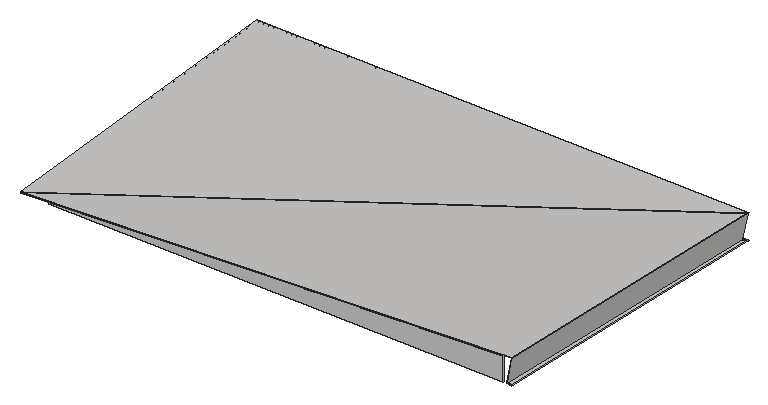
Revit family "Access_Flooring-FreeAxez-Ramp_Internal-1_20", category Specialty Equipment, Revit 2022
Family settings
  Round Connector Dimension = Use Diameter
  Part Type = Normal
  OmniClass Number = 23.35.50.27.14
  OmniClass Title = Rigid Grid Access Flooring
  Work Plane-Based = No
  Always vertical = Yes
  Cut with Voids When Loaded = No
  Maintain Annotation Orientation = No
  Shared = No
  Room Calculation Point = No
Parameters (values of type "Gridd70")
  Width = 4' - 7"
  URL = "https://www.freeaxez.com"
  Type Comments = ""
  Product Page URL = "https://www.freeaxez.com/gridd/#features"
  Product Documentation Link = "https://www.freeaxez.com/wp-content/uploads/2018/04/GRIDD-Catalog.pdf"
  Model = "FA-7455in"
  Manufacturer = "FreeAxez"
  Keynote = ""
  Height = 0' - 2.76"
  Description = "Gridd70 Ramp Internal 1:20"
  Default Elevation = 0' - 0"
  Cost = 0
  Assembly Code = ""
Types (2): name | Width | Model | Height | Description
  Gridd40 | 2' - 9" | "FA-4433in" | 0' - 1.57" | "Gridd40 Ramp Internal 1:20"
  Gridd70 | 4' - 7" | "FA-7455in" | 0' - 2.76" | "Gridd70 Ramp Internal 1:20"
Reference planes (in)
  plane 1 "Center (Front/Back)": y = -14.01969
  plane 2 "Bottom": z = 0
  plane 3 "Center (Left/Right)": x = 0
  plane 4: x = -27.5
  plane 5: x = 27.5
  plane 6: y = 2.48031
  plane 7: y = -30.51969
  plane 8 "Top": z = 2.76
  plane 9 "Back": y = 2.5202
  plane 10 "Right": x = 27.53988
  plane 11: y = -5.74974
  plane 12: x = 13.75
  plane 13: x = -27.53988
  plane 14: y = -30.55957
Forms (in)
  Extrusion 1, solid, material "Steel - Galvanized - FreeAxez"
    sketch origin (0, 0, 0) x (0, 1, 0) y (0, 0, 1)
      loop
        line (2.48031, 2.76) -> (-30.51969, 0.06271) -> (-30.51969, 0) -> (2.41636, 2.69461) -> (1.88976, 0) -> (2.48031, 0) -> (2.48031, 0.0625) -> (1.97174, 0.0625) -> (2.48031, 2.66495) -> (2.48031, 2.76)
    from -27.5 to 27.5
  Extrusion 2, solid, material "Steel - Galvanized - FreeAxez"
    sketch origin (-27.5, 45.0057, 48) x (0, 1, 0) y (0, 0, 1)
      loop
        line (-72.37578, -48) -> (-43.52538, -48) -> (-43.52538, -45.38198) -> (-72.37578, -47.74232) -> (-72.37578, -48)
    from 0.07031 to 0
  Extrusion 3, solid, material "Steel - Galvanized - FreeAxez"
    sketch origin (-7.01969, -7.01969, 0) x (-1, 0, 0) y (0, 0, 1)
      loop
        line (-34.51969, 2.76) -> (-34.51969, 2.66495) -> (-34.01111, 0.0625) -> (-34.51969, 0.0625) -> (-34.51969, 0) -> (-33.92913, 0) -> (-34.45573, 2.69461) -> (20.48031, 0) -> (20.48031, 0.06271) -> (-34.51969, 2.76)
    from -23.5 to 9.5
  Extrusion 4, void
    sketch origin (0, 0, 0) x (1, 0, 0) y (0, 1, 0)
      loop
        line (-27.5, -30.51969) -> (27.5, 2.48031) -> (-27.5, 2.48031) -> (-27.5, -30.51969)
    from 0 to 9.84252
  Extrusion 5, void
    sketch origin (0, 0, 0) x (1, 0, 0) y (0, 1, 0)
      loop
        line (27.5, 2.48031) -> (-27.5, -30.51969) -> (27.5, -30.51969) -> (27.5, 2.48031)
    from 0 to 9.84252
  Extrusion 6, solid, material "Steel - Galvanized - FreeAxez"
    sketch origin (-60, -30.51969, 48) x (-1, 0, 0) y (0, 0, 1)
      loop
        line (-35.64961, -48) -> (-35.64961, -47.84539) -> (-86.5, -45.34925) -> (-86.5, -48) -> (-35.64961, -48)
    from 0.06846 to 0
Cuts and joins
  Extrusion 4 cuts Extrusion 3
  Extrusion 5 cuts Extrusion 1
Lines and regions (in)
  Masking region 1
    outline origin (0, 0, 0) x (1, 0, 0) y (0, 1, 0)
      loop
        line (-27.5, 2.48031) -> (-27.5, -30.51969) -> (27.5, -30.51969) -> (27.5, 2.48031) -> (-27.5, 2.48031)
  symbolic lines
    curve 1: line (27.5, 2.48031, 0) -> (-27.5, -30.51969, 0)
    curve 4: line (27.5, 2.48031, 0) -> (-27.5, 2.48031, 0)
    curve 5: line (-27.5, 2.48031, 0) -> (-27.5, -30.51969, 0)
    curve 6: line (-27.5, -30.51969, 0) -> (27.5, -30.51969, 0)
    curve 7: line (27.5, -30.51969, 0) -> (27.5, 2.48031, 0)
    curve 12: line (9.75, -16.85138, 0) -> (13.75, -16.85138, 0)
    curve 13: line (17.75, -16.85138, 0) -> (17.04289, -17.55848, 0)
    curve 14: line (17.75, -16.85138, 0) -> (17.04289, -16.14427, 0)
    curve 15: line (13.75, -16.85138, 0) -> (17.75, -16.85138, 0)
    curve 16: line (-2.83169, -9.74974, 0) -> (-2.83169, -5.74974, 0)
    curve 17: line (-2.83169, -1.74974, 0) -> (-2.12459, -2.45685, 0)
    curve 18: line (-2.83169, -1.74974, 0) -> (-3.5388, -2.45685, 0)
    curve 19: line (-2.83169, -5.74974, 0) -> (-2.83169, -1.74974, 0)
  reference lines
    curve 2: line (-27.5, -14.01969, 0) -> (27.5, -14.01969, 2.69983)
    curve 3: line (0, -30.51969, 0) -> (0, 2.48031, 2.69983)
  symbolic lines, not visible
    curve 8: line (-5.45345, -2.26969, 0) -> (-1.45345, -2.26969, 0)
    curve 9: line (2.54655, -2.26969, 0) -> (1.83945, -2.97679, 0)
    curve 10: line (2.54655, -2.26969, 0) -> (1.83945, -1.56258, 0)
    curve 11: line (-1.45345, -2.26969, 0) -> (2.54655, -2.26969, 0)
Dimensions and locks (in)
  equal spacing: plane 4, plane 3 "Center (Left/Right)", plane 5
  equal spacing: plane 6, plane 1 "Center (Front/Back)", plane 7
  "Height": plane 8 "Top" to plane 2 "Bottom"
  plane 6 to plane 7 = 2' - 9"
  locked: plane 7 to Extrusion 2 sketch curve at 3.14961
  "Width": plane 4 to plane 5
  locked: plane 9 "Back" to plane 6 at 0.03988
  locked: plane 5 to plane 10 "Right" at 0.03988
  locked: plane 8 "Top" to curve 2 at 0.06017
  locked: Extrusion 6 sketch curve to plane 4 at 3.14961
  locked: plane 8 "Top" to curve 3 at 0.06017
  locked: Extrusion 3 sketch curve to plane 2 "Bottom" at 0.0625
  locked: plane 5 to Extrusion 3 sketch curve at 0.59055
  locked: Extrusion 1 sketch curve to plane 6 at 0.06395
  locked: Extrusion 1 sketch curve to plane 6 at 0.59055
  locked: Extrusion 2 sketch curve to plane 6 at 1
  locked: plane 5 to Extrusion 6 sketch curve at 1
  equal spacing: plane 3 "Center (Left/Right)", plane 12, plane 5
  equal spacing: plane 9 "Back", plane 11, plane 1 "Center (Front/Back)"
  locked: plane 4 to Extrusion 2 at 0.07031
  locked: Extrusion 6 to plane 7 at 0.06846
  locked: curve 15 to plane 1 "Center (Front/Back)" at 2.83169
  locked: nested 1 to plane 1 "Center (Front/Back)" at 2.83169
  locked: nested 1 to plane 12 at 5.02362
  locked: plane 13 to plane 4 at 0.03988
  locked: plane 7 to plane 14 at 0.03988
  locked: nested 2 to plane 11 at 5.02362
  locked: curve 19 to plane 3 "Center (Left/Right)" at 2.83169
  locked: nested 2 to plane 3 "Center (Left/Right)" at 2.83169
  aligned and locked: level to plane 2 "Bottom"
  aligned and locked: Extrusion 1 to plane 4
  aligned and locked: Extrusion 1 to plane 5
  aligned and locked: Masking region 1 sketch curve to plane 6
  aligned and locked: Masking region 1 sketch curve to plane 4
  aligned and locked: Masking region 1 sketch curve to plane 5
  aligned and locked: Masking region 1 sketch curve to plane 7
  aligned and locked: plane 4 to curve 2
  aligned and locked: plane 2 "Bottom" to curve 2
  aligned and locked: plane 5 to curve 2
  aligned and locked: curve 2 to Extrusion 6 sketch curve
  aligned and locked: Extrusion 3 to plane 7
  aligned and locked: plane 6 to Extrusion 3
  aligned and locked: plane 6 to curve 3
  aligned and locked: plane 7 to curve 3
  aligned and locked: plane 2 "Bottom" to curve 3
  aligned and locked: curve 3 to Extrusion 2 sketch curve
  aligned and locked: curve 7 to plane 5
  aligned and locked: curve 4 to plane 6
  aligned and locked: curve 5 to plane 4
  aligned and locked: curve 6 to plane 7
  aligned and locked: plane 5 to Extrusion 3 sketch curve
  aligned and locked: Extrusion 3 sketch curve to plane 5
  aligned and locked: Extrusion 3 sketch curve to plane 2 "Bottom"
  aligned and locked: plane 6 to Extrusion 1 sketch curve
  aligned and locked: Extrusion 1 sketch curve to plane 2 "Bottom"
  aligned and locked: Extrusion 1 sketch curve to plane 6
  aligned and locked: Extrusion 4 sketch curve to plane 6
  aligned and locked: Extrusion 4 sketch curve to plane 4
  aligned and locked: Extrusion 5 sketch curve to plane 7
  aligned and locked: Extrusion 5 sketch curve to plane 5
  aligned and locked: Extrusion 2 to plane 4
  aligned and locked: Extrusion 6 to plane 7
  aligned and locked: plane 12 to curve 15
Automatic sketch dimensions
  Extrusion 1 sketch curve to plane 7 = 0' - 0"
  Extrusion 1 sketch curve to level = 0' - 0"
  Extrusion 1 sketch curve to plane 8 "Top" = 0' - 0"
  level to Extrusion 1 sketch curve = 0' - 0.06271"
  Extrusion 1 sketch curve to Extrusion 1 sketch curve = 0' - 0.06539"
  Extrusion 3 sketch curve to plane 4 = 0' - 0"
  Extrusion 3 sketch curve to plane 8 "Top" = 0' - 0"
  level to Extrusion 3 sketch curve = 0' - 0.06271"
  Extrusion 3 sketch curve to plane 8 "Top" = 0' - 0.06539"
  Extrusion 5 sketch curve to plane 4 = 0' - 0"
  Extrusion 3 sketch curve to plane 5 = 0' - 0.06395"
  Extrusion 3 sketch curve to Extrusion 3 sketch curve = 0' - 0.08198"
  Extrusion 3 sketch curve to Extrusion 3 sketch curve = 0' - 0.02966"
  Extrusion 3 sketch curve to level = 0' - 0"
  level to Extrusion 1 sketch curve = 0' - 0 1/16"
  Extrusion 1 sketch curve to Extrusion 1 sketch curve = 0' - 0.08198"
  Extrusion 1 sketch curve to Extrusion 1 sketch curve = 0' - 0.02966"
  Extrusion 4 sketch curve to plane 7 = 0' - 0"
  Extrusion 4 sketch curve to plane 5 = 0' - 0"
  plane 6 to Extrusion 5 sketch curve = 0' - 0"
  Extrusion 2 sketch curve to level = 0' - 0"
  Extrusion 6 sketch curve to level = 0' - 0"
  curve 12 to curve 14 = 0' - 4"
  curve 12 to curve 12 = 0' - 4"
  curve 14 to curve 13 = 0' - 0.70711"
  curve 13 to curve 13 = 0' - 0.70711"  (x2)
  curve 8 to curve 10 = 0' - 4"
  curve 8 to curve 8 = 0' - 4"
  curve 10 to curve 9 = 0' - 0.70711"
  curve 9 to curve 9 = 0' - 0.70711"  (x2)
  curve 16 to curve 18 = 0' - 4"
  curve 16 to curve 16 = 0' - 4"
  curve 18 to curve 17 = 0' - 0.70711"
  curve 17 to curve 17 = 0' - 0.70711"  (x2)
Nested families (in)
  nested 1: "Label Annotation 1-8" at (8.72638, -16.85138, 0) x (0, -1, 0) z (0, 0, 1), type "Label Annotation 1-8"
  nested 2: "Label Annotation 1-8" at (-2.83169, -10.77337, 0), type "Label Annotation 1-8"
Definition of nested family "Label Annotation 1-8"
  Parameters (values of type "Label Annotation 1-8")
    Label = ""
  Reference planes (in)
    plane 1: y = 0
    plane 2: x = 0
  Text (in)
    label "Label" at (0.00375, -0.00345, 0), shows "Label"
